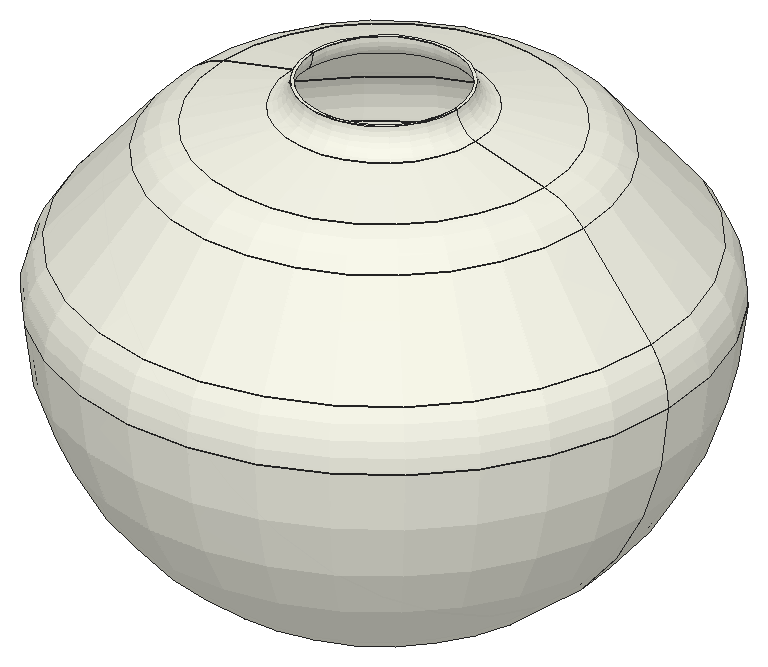
Revit family "SOB18", category Generic Models, Revit 2024
Family settings
  Can host rebar = No
  Round Connector Dimension = Use Diameter
  Part Type = Normal
  Work Plane-Based = No
  Always vertical = Yes
  Cut with Voids When Loaded = No
  Maintain Annotation Orientation = No
  Shared = No
  Room Calculation Point = No
Parameters
  Default Elevation = 0' - 0"
Reference planes (in)
  plane 1 "Center (Front/Back)": y = 0
  plane 2: z = 0
  plane 3 "Center (Left/Right)": x = 0
Forms (in)
  Revolve 1, solid, material "OPAL"
    sketch origin (0, 0, 0) x (1, 0, 0) y (0, 0, 1)
      loop
        line (2.32111, 43.94167) -> (2.22733, 43.94167)
        arc (2.22733, 43.94167) -> (2.41871, 43.42604) -> (2.88638, 43.13658) r 0.84722
        line (2.88638, 43.13658) -> (5.06836, 42.62032)
        arc (5.06836, 42.62032) -> (5.7046, 42.34845) -> (6.22787, 41.89581) r 2.24572
        line (6.22787, 41.89581) -> (8.37499, 39.36204)
        arc (8.37499, 39.36204) -> (8.78649, 38.63718) -> (8.90528, 37.81218) r 2.24572
        arc (8.90528, 37.81218) -> (6.16391, 31.76215) -> (0, 29.28744) r 8.91377
        line (0, 29.28744) -> (0, 29.19369)
        arc (0, 29.19369) -> (6.22874, 31.69442) -> (8.99894, 37.80809) r 9.00752
        arc (8.99894, 37.80809) -> (8.87519, 38.66753) -> (8.44652, 39.42265) r 2.33947
        line (8.44652, 39.42265) -> (6.2994, 41.95642)
        arc (6.2994, 41.95642) -> (5.75394, 42.42817) -> (5.09071, 42.71138) r 2.33947
        line (5.09071, 42.71138) -> (2.90755, 43.22791)
        arc (2.90755, 43.22791) -> (2.49212, 43.48437) -> (2.32111, 43.94167) r 0.75347
      axis (0, 43.94167) -> (0, 29.19369)
    angle from 0 to 360
Dimensions and locks (in)
  aligned and locked: plane 2 to level
